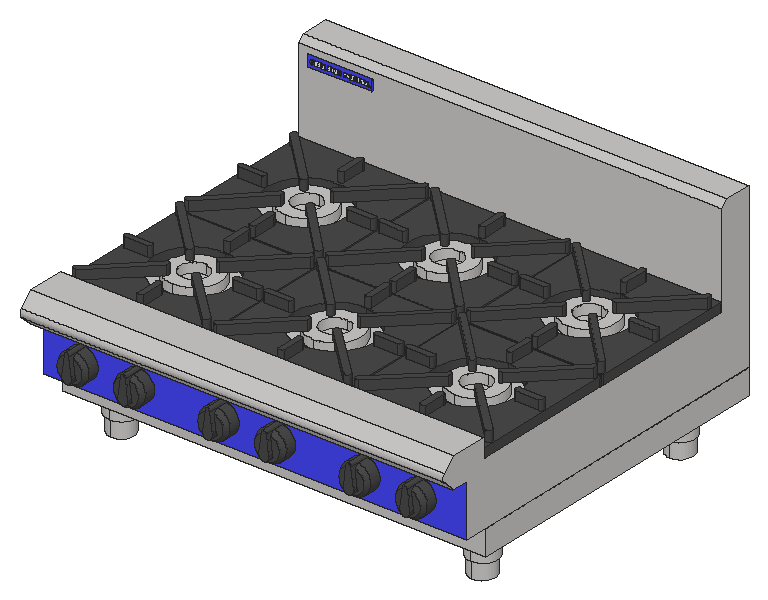
Revit family "QF_MOFFAT_BLUESEAL_CE_G516D-B", category Specialty Equipment, Revit 2012 (continued)
Definition of nested family "GAS BURNER 900"
  Lines and regions (mm)
    symbolic lines
      curve 246: spline (885.847, -22.602, 0) -> (887.076, -21.681, 0) -> (888.53, -21.131, 0) -> (890.11, -20.99, 0) -> (891.708, -21.267, 0) -> (893.214, -21.943, 0) -> (894.527, -22.973, 0) -> (895.557, -24.286, 0) -> (896.233, -25.792, 0) -> (896.51, -27.39, 0) -> (896.369, -28.97, 0) -> (895.819, -30.424, 0) -> (894.898, -31.653, 0)
      curve 247: arc (751, -136.5, 0) -> (721, -166.5, 0) -> (751, -196.5, 0) r 30
      curve 248: arc (751, -196.5, 0) -> (781, -166.5, 0) -> (751, -136.5, 0) r 30
      curve 249: line (744.6, -311.102, 0) -> (744.6, -261.898, 0)
      curve 250: spline (744.6, -261.898, 0) -> (744.818, -260.604, 0) -> (745.457, -259.398, 0) -> (746.475, -258.362, 0) -> (747.8, -257.568, 0) -> (749.344, -257.068, 0) -> (751, -256.898, 0) -> (752.656, -257.068, 0) -> (754.2, -257.568, 0) -> (755.525, -258.362, 0) -> (756.543, -259.398, 0) -> (757.182, -260.604, 0) -> (757.4, -261.898, 0)
      curve 251: line (757.4, -261.898, 0) -> (757.4, -311.102, 0)
      curve 252: spline (757.4, -311.102, 0) -> (757.182, -312.396, 0) -> (756.543, -313.602, 0) -> (755.525, -314.638, 0) -> (754.2, -315.432, 0) -> (752.656, -315.932, 0) -> (751, -316.102, 0) -> (749.344, -315.932, 0) -> (747.8, -315.432, 0) -> (746.475, -314.638, 0) -> (745.457, -313.602, 0) -> (744.818, -312.396, 0) -> (744.6, -311.102, 0)
      curve 253: line (744.6, -378.102, 0) -> (744.6, -328.898, 0)
      curve 254: spline (744.6, -328.898, 0) -> (744.818, -327.604, 0) -> (745.457, -326.398, 0) -> (746.475, -325.362, 0) -> (747.8, -324.568, 0) -> (749.344, -324.068, 0) -> (751, -323.898, 0) -> (752.656, -324.068, 0) -> (754.2, -324.568, 0) -> (755.525, -325.362, 0) -> (756.543, -326.398, 0) -> (757.182, -327.604, 0) -> (757.4, -328.898, 0)
      curve 255: line (757.4, -328.898, 0) -> (757.4, -378.102, 0)
      curve 256: spline (757.4, -378.102, 0) -> (757.182, -379.396, 0) -> (756.543, -380.602, 0) -> (755.525, -381.638, 0) -> (754.2, -382.432, 0) -> (752.656, -382.932, 0) -> (751, -383.102, 0) -> (749.344, -382.932, 0) -> (747.8, -382.432, 0) -> (746.475, -381.638, 0) -> (745.457, -380.602, 0) -> (744.818, -379.396, 0) -> (744.6, -378.102, 0)
      curve 257: spline (724.076, -434.025, 0) -> (724.837, -435.095, 0) -> (725.238, -436.399, 0) -> (725.251, -437.851, 0) -> (724.875, -439.35, 0) -> (724.137, -440.795, 0) -> (723.086, -442.086, 0) -> (721.795, -443.137, 0) -> (720.35, -443.875, 0) -> (718.851, -444.251, 0) -> (717.399, -444.238, 0) -> (716.095, -443.837, 0) -> (715.025, -443.076, 0)
      curve 258: line (777.924, -434.025, 0) -> (885.847, -326.102, 0)
      curve 259: spline (885.847, -326.102, 0) -> (887.076, -325.181, 0) -> (888.53, -324.631, 0) -> (890.11, -324.49, 0) -> (891.708, -324.767, 0) -> (893.214, -325.443, 0) -> (894.527, -326.473, 0) -> (895.557, -327.786, 0) -> (896.233, -329.292, 0) -> (896.51, -330.89, 0) -> (896.369, -332.47, 0) -> (895.819, -333.924, 0) -> (894.898, -335.153, 0)
      curve 260: line (894.898, -335.153, 0) -> (786.975, -443.076, 0)
      curve 261: spline (786.975, -443.076, 0) -> (785.905, -443.837, 0) -> (784.601, -444.238, 0) -> (783.149, -444.251, 0) -> (781.65, -443.875, 0) -> (780.205, -443.137, 0) -> (778.914, -442.086, 0) -> (777.863, -440.795, 0) -> (777.125, -439.35, 0) -> (776.749, -437.851, 0) -> (776.762, -436.399, 0) -> (777.163, -435.095, 0) -> (777.924, -434.025, 0)
      curve 262: line (842.898, -463.6, 0) -> (892.102, -463.6, 0)
      curve 263: spline (892.102, -463.6, 0) -> (893.396, -463.818, 0) -> (894.602, -464.457, 0) -> (895.638, -465.475, 0) -> (896.432, -466.8, 0) -> (896.932, -468.344, 0) -> (897.102, -470, 0) -> (896.932, -471.656, 0) -> (896.432, -473.2, 0) -> (895.638, -474.525, 0) -> (894.602, -475.543, 0) -> (893.396, -476.182, 0) -> (892.102, -476.4, 0)
      curve 264: line (892.102, -476.4, 0) -> (842.898, -476.4, 0)
      curve 265: spline (842.898, -476.4, 0) -> (841.604, -476.182, 0) -> (840.398, -475.543, 0) -> (839.362, -474.525, 0) -> (838.568, -473.2, 0) -> (838.068, -471.656, 0) -> (837.898, -470, 0) -> (838.068, -468.344, 0) -> (838.568, -466.8, 0) -> (839.362, -465.475, 0) -> (840.398, -464.457, 0) -> (841.604, -463.818, 0) -> (842.898, -463.6, 0)
      curve 266: line (786.975, -496.924, 0) -> (894.898, -603.347, 0)
      curve 267: spline (894.898, -603.347, 0) -> (895.659, -604.416, 0) -> (896.059, -605.721, 0) -> (896.072, -607.172, 0) -> (895.697, -608.671, 0) -> (894.959, -610.116, 0) -> (893.908, -611.408, 0) -> (892.616, -612.459, 0) -> (891.171, -613.197, 0) -> (889.672, -613.572, 0) -> (888.221, -613.559, 0) -> (886.916, -613.159, 0) -> (885.847, -612.398, 0)
      curve 268: line (885.847, -612.398, 0) -> (777.924, -505.975, 0)
      curve 269: spline (777.924, -505.975, 0) -> (777.163, -504.905, 0) -> (776.762, -503.601, 0) -> (776.749, -502.149, 0) -> (777.125, -500.65, 0) -> (777.863, -499.205, 0) -> (778.914, -497.914, 0) -> (780.205, -496.863, 0) -> (781.65, -496.125, 0) -> (783.149, -495.749, 0) -> (784.601, -495.762, 0) -> (785.905, -496.163, 0) -> (786.975, -496.924, 0)
      curve 270: line (744.6, -609.602, 0) -> (744.6, -561.898, 0)
      curve 271: spline (744.6, -561.898, 0) -> (744.818, -560.604, 0) -> (745.457, -559.398, 0) -> (746.475, -558.362, 0) -> (747.8, -557.568, 0) -> (749.344, -557.068, 0) -> (751, -556.898, 0) -> (752.656, -557.068, 0) -> (754.2, -557.568, 0) -> (755.525, -558.362, 0) -> (756.543, -559.398, 0) -> (757.182, -560.604, 0) -> (757.4, -561.898, 0)
      curve 272: line (757.4, -561.898, 0) -> (757.4, -609.602, 0)
      curve 273: spline (757.4, -609.602, 0) -> (757.182, -610.896, 0) -> (756.543, -612.102, 0) -> (755.525, -613.138, 0) -> (754.2, -613.932, 0) -> (752.656, -614.432, 0) -> (751, -614.602, 0) -> (749.344, -614.432, 0) -> (747.8, -613.932, 0) -> (746.475, -613.138, 0) -> (745.457, -612.102, 0) -> (744.818, -610.896, 0) -> (744.6, -609.602, 0)
      curve 274: spline (715.025, -496.924, 0) -> (716.095, -496.163, 0) -> (717.399, -495.762, 0) -> (718.851, -495.749, 0) -> (720.35, -496.125, 0) -> (721.795, -496.863, 0) -> (723.086, -497.914, 0) -> (724.137, -499.205, 0) -> (724.875, -500.65, 0) -> (725.251, -502.149, 0) -> (725.238, -503.601, 0) -> (724.837, -504.905, 0) -> (724.076, -505.975, 0)
      curve 275: arc (751.009, -384.418, 0) -> (721.313, -389.836, 0) -> (695.444, -405.393, 0) r 84.082
      curve 276: arc (751.009, -552.582, 0) -> (779.827, -547.489, 0) -> (805.155, -532.827, 0) r 84.082
      curve 277: arc (751, -523.5, 0) -> (733.334, -520.693, 0) -> (717.408, -512.55, 0) r 57
      curve 278: arc (751, -409.5, 0) -> (770.986, -413.119, 0) -> (788.434, -423.515, 0) r 57
      curve 279: arc (751, -436.5, 0) -> (721, -466.5, 0) -> (751, -496.5, 0) r 30
      curve 280: arc (751, -496.5, 0) -> (781, -466.5, 0) -> (751, -436.5, 0) r 30
      curve 281: spline (659.102, -463.6, 0) -> (660.396, -463.818, 0) -> (661.602, -464.457, 0) -> (662.638, -465.475, 0) -> (663.432, -466.8, 0) -> (663.932, -468.344, 0) -> (664.102, -470, 0) -> (663.932, -471.656, 0) -> (663.432, -473.2, 0) -> (662.638, -474.525, 0) -> (661.602, -475.543, 0) -> (660.396, -476.182, 0) -> (659.102, -476.4, 0)
      curve 282: arc (804.676, -103.773, 0) -> (779.534, -89.404, 0) -> (751.009, -84.418, 0) r 84.082
      curve 283: arc (688.129, -112.68, 0) -> (666.934, -167.408, 0) -> (686.7, -222.668, 0) r 84.082
      curve 284: arc (706.546, -202.178, 0) -> (694, -166.598, 0) -> (706.424, -130.975, 0) r 57
      curve 285: arc (786.372, -211.197, 0) -> (769.725, -220.336, 0) -> (751, -223.5, 0) r 57
      curve 286: arc (795.576, -130.975, 0) -> (808, -166.598, 0) -> (795.454, -202.178, 0) r 57
      curve 287: arc (713.566, -423.515, 0) -> (731.014, -413.119, 0) -> (751, -409.5, 0) r 57
      curve 288: arc (797.089, -432.962, 0) -> (807.947, -468.956, 0) -> (794.031, -503.881, 0) r 57
      curve 289: arc (791.268, -506.842, 0) -> (790.386, -507.704, 0) -> (789.484, -508.547, 0) r 57
      curve 290: arc (707.969, -503.881, 0) -> (694.053, -468.956, 0) -> (704.911, -432.962, 0) r 57
      curve 291: arc (686.509, -414.56, 0) -> (666.932, -469.429, 0) -> (687.717, -523.853, 0) r 84.082
      curve 292: arc (806.564, -405.385, 0) -> (780.699, -389.834, 0) -> (751.009, -384.418, 0) r 84.082
      curve 293: arc (814.293, -523.862, 0) -> (835.086, -469.429, 0) -> (815.501, -414.55, 0) r 84.082
      curve 294: arc (784.592, -512.55, 0) -> (768.666, -520.693, 0) -> (751, -523.5, 0) r 57
      curve 295: arc (696.853, -532.819, 0) -> (722.184, -547.487, 0) -> (751.009, -552.582, 0) r 84.082
      curve 296: arc (715.475, -121.924, 0) -> (732.183, -112.696, 0) -> (751, -109.5, 0) r 57
      curve 297: arc (695.669, -231.803, 0) -> (721.453, -247.216, 0) -> (751.009, -252.582, 0) r 84.082
      curve 298: arc (815.31, -222.678, 0) -> (835.084, -167.408, 0) -> (813.881, -112.67, 0) r 84.082
      curve 299: line (616.153, -612.398, 0) -> (724.076, -505.975, 0)
      curve 300: line (715.025, -496.924, 0) -> (607.102, -603.347, 0)
      curve 301: spline (607.102, -603.347, 0) -> (606.341, -604.416, 0) -> (605.941, -605.721, 0) -> (605.928, -607.172, 0) -> (606.303, -608.671, 0) -> (607.041, -610.116, 0) -> (608.092, -611.408, 0) -> (609.384, -612.459, 0) -> (610.829, -613.197, 0) -> (612.328, -613.572, 0) -> (613.779, -613.559, 0) -> (615.084, -613.159, 0) -> (616.153, -612.398, 0)
      curve 302: line (602, -324.5, 0) -> (602, -632, 0)
      curve 303: arc (602, -632, 0) -> (602.879, -634.121, 0) -> (605, -635, 0) r 3
      curve 304: line (605, -635, 0) -> (897, -635, 0)
      curve 305: arc (897, -635, 0) -> (899.121, -634.121, 0) -> (900, -632, 0) r 3
      curve 306: line (900, -632, 0) -> (900, -324.5, 0)
      curve 307: arc (900, -324.5, 0) -> (899.121, -322.379, 0) -> (897, -321.5, 0) r 3
      curve 308: line (897, -321.5, 0) -> (605, -321.5, 0)
      curve 309: arc (605, -321.5, 0) -> (602.879, -322.379, 0) -> (602, -324.5, 0) r 3
      curve 310: line (609.898, -476.4, 0) -> (659.102, -476.4, 0)
      curve 311: line (659.102, -463.6, 0) -> (609.898, -463.6, 0)
      curve 312: spline (609.898, -463.6, 0) -> (608.604, -463.818, 0) -> (607.398, -464.457, 0) -> (606.362, -465.475, 0) -> (605.568, -466.8, 0) -> (605.068, -468.344, 0) -> (604.898, -470, 0) -> (605.068, -471.656, 0) -> (605.568, -473.2, 0) -> (606.362, -474.525, 0) -> (607.398, -475.543, 0) -> (608.604, -476.182, 0) -> (609.898, -476.4, 0)
      curve 313: line (607.102, -335.153, 0) -> (715.025, -443.076, 0)
      curve 314: line (724.076, -434.025, 0) -> (616.153, -326.102, 0)
      curve 315: spline (616.153, -326.102, 0) -> (615.084, -325.341, 0) -> (613.779, -324.941, 0) -> (612.328, -324.928, 0) -> (610.829, -325.303, 0) -> (609.384, -326.041, 0) -> (608.092, -327.092, 0) -> (607.041, -328.384, 0) -> (606.303, -329.829, 0) -> (605.928, -331.328, 0) -> (605.941, -332.779, 0) -> (606.341, -334.084, 0) -> (607.102, -335.153, 0)
      curve 316: line (616.153, -313.898, 0) -> (724.076, -202.475, 0)
      curve 317: spline (607.102, -304.847, 0) -> (606.341, -305.916, 0) -> (605.941, -307.221, 0) -> (605.928, -308.672, 0) -> (606.303, -310.171, 0) -> (607.041, -311.616, 0) -> (608.092, -312.908, 0) -> (609.384, -313.959, 0) -> (610.829, -314.697, 0) -> (612.328, -315.072, 0) -> (613.779, -315.059, 0) -> (615.084, -314.659, 0) -> (616.153, -313.898, 0)
      curve 318: line (715.025, -193.424, 0) -> (607.102, -304.847, 0)
      curve 319: line (605, -318.5, 0) -> (897, -318.5, 0)
      curve 320: arc (602, -315.5, 0) -> (602.879, -317.621, 0) -> (605, -318.5, 0) r 3
      curve 321: line (602, -3, 0) -> (602, -315.5, 0)
      curve 322: arc (605, 0, 0) -> (602.879, -0.879, 0) -> (602, -3, 0) r 3
      curve 323: line (609.898, -172.9, 0) -> (659.102, -172.9, 0)
      curve 324: line (659.102, -160.1, 0) -> (609.898, -160.1, 0)
      curve 325: spline (609.898, -160.1, 0) -> (608.604, -160.318, 0) -> (607.398, -160.957, 0) -> (606.362, -161.975, 0) -> (605.568, -163.3, 0) -> (605.068, -164.844, 0) -> (604.898, -166.5, 0) -> (605.068, -168.156, 0) -> (605.568, -169.7, 0) -> (606.362, -171.025, 0) -> (607.398, -172.043, 0) -> (608.604, -172.682, 0) -> (609.898, -172.9, 0)
      curve 326: line (607.102, -31.653, 0) -> (715.025, -139.576, 0)
      curve 327: line (724.076, -130.525, 0) -> (616.153, -22.602, 0)
      curve 328: spline (616.153, -22.602, 0) -> (615.084, -21.841, 0) -> (613.779, -21.441, 0) -> (612.328, -21.428, 0) -> (610.829, -21.803, 0) -> (609.384, -22.541, 0) -> (608.092, -23.592, 0) -> (607.041, -24.884, 0) -> (606.303, -26.329, 0) -> (605.928, -27.828, 0) -> (605.941, -29.279, 0) -> (606.341, -30.584, 0) -> (607.102, -31.653, 0)
      curve 329: line (897, 0, 0) -> (605, 0, 0)
  Dimensions and locks
    equal spacing: plane 3 "LEFT", plane 7 "Center Y", plane 4 "RIGHT"
    "Width": plane 3 "LEFT" to plane 4 "RIGHT"
    equal spacing: plane 5 "FRONT", plane 8 "Center X", plane 1 "BACK"
    "Depth": plane 5 "FRONT" to plane 1 "BACK"
    aligned and locked: level to plane 2
  Automatic sketch dimensions
    curve 29 to curve 30 = 0 mm
    curve 29 to curve 33 = 0 mm
    curve 29 to curve 189 = 0 mm
    curve 29 to curve 190 = 0 mm  (x2)
    curve 29 to curve 191 = 0 mm  (x2)
    curve 29 to curve 192 = 0 mm
    curve 30 to curve 33 = 0 mm
    curve 30 to curve 189 = 0 mm
    curve 31 to curve 32 = 0 mm  (x2)
    curve 31 to curve 212 = 0 mm
    curve 31 to curve 213 = 0 mm  (x2)
    curve 31 to curve 214 = 0 mm
    curve 31 to curve 215 = 0 mm  (x2)
    curve 35 to curve 36 = 0 mm
    curve 35 to curve 103 = 0 mm  (x2)
    curve 35 to curve 187 = 0 mm  (x2)
    curve 35 to curve 188 = 0 mm
    curve 35 to curve 193 = 0 mm
    curve 35 to curve 211 = 0 mm  (x2)
    curve 36 to curve 193 = 0 mm
    curve 37 to curve 38 = 0 mm  (x2)
    curve 37 to curve 185 = 0 mm
    curve 37 to curve 186 = 0 mm  (x2)
    curve 37 to curve 216 = 0 mm
    curve 37 to curve 217 = 0 mm  (x2)
    curve 137 to curve 138 = 0 mm  (x2)
    curve 137 to curve 204 = 0 mm  (x2)
    curve 137 to curve 205 = 0 mm
    curve 137 to curve 206 = 0 mm  (x2)
    curve 137 to curve 208 = 0 mm
    curve 139 to curve 140 = 0 mm
    curve 139 to curve 141 = 0 mm  (x2)
    curve 139 to curve 200 = 0 mm  (x2)
    curve 139 to curve 201 = 0 mm
    curve 139 to curve 202 = 0 mm
    curve 139 to curve 203 = 0 mm  (x2)
    curve 139 to curve 207 = 0 mm
    curve 140 to curve 201 = 0 mm
    curve 140 to curve 202 = 0 mm
    curve 179 to curve 180 = 0 mm  (x2)
    curve 179 to curve 194 = 0 mm  (x2)
    curve 179 to curve 195 = 0 mm
    curve 179 to curve 209 = 0 mm
    curve 179 to curve 210 = 0 mm  (x2)
    curve 181 to curve 182 = 0 mm  (x2)
    curve 181 to curve 183 = 0 mm  (x2)
    curve 181 to curve 196 = 0 mm  (x2)
    curve 181 to curve 197 = 0 mm
    curve 181 to curve 198 = 0 mm  (x2)
    curve 181 to curve 199 = 0 mm
    curve 220 to curve 221 = 0 mm
    curve 220 to curve 247 = 0 mm  (x2)
    curve 220 to curve 284 = 0 mm
    curve 222 to curve 223 = 0 mm  (x2)
    curve 222 to curve 282 = 0 mm
    curve 222 to curve 283 = 0 mm  (x2)
    curve 275 to curve 276 = 0 mm
    curve 275 to curve 291 = 0 mm
    curve 277 to curve 278 = 0 mm
    curve 277 to curve 279 = 0 mm
    curve 277 to curve 287 = 0 mm
    curve 278 to curve 280 = 0 mm
    curve 283 to curve 298 = 0 mm
    curve 284 to curve 296 = 0 mm  (x2)
    curve 285 to curve 296 = 0 mm  (x2)
    curve 286 to curve 296 = 0 mm  (x2)
    curve 287 to curve 294 = 0 mm  (x2)
    curve 288 to curve 294 = 0 mm  (x2)
    curve 289 to curve 294 = 0 mm  (x2)
    curve 290 to curve 294 = 0 mm  (x2)
    curve 291 to curve 295 = 0 mm  (x2)
    curve 292 to curve 295 = 0 mm  (x2)
    curve 293 to curve 295 = 0 mm  (x2)
    curve 297 to curve 298 = 0 mm  (x2)
    plane 5 "FRONT" to curve 75 = 0 mm
    plane 1 "BACK" to curve 64 = 0 mm
    plane 1 "BACK" to curve 55 = 0 mm
    plane 5 "FRONT" to curve 82 = 0 mm
    curve 33 to plane 7 "Center Y" = 0 mm
    curve 154 to plane 7 "Center Y" = 0 mm
    curve 54 to plane 7 "Center Y" = 0 mm
    curve 196 to plane 7 "Center Y" = 0 mm
    curve 178 to plane 7 "Center Y" = 0 mm
    curve 16 to plane 7 "Center Y" = 0 mm
    plane 5 "FRONT" to curve 233 = 0 mm
    curve 13 to curve 16 = 6.4 mm
    curve 154 to curve 154 = 6.4 mm
    curve 52 to curve 52 = 6.4 mm
    curve 177 to curve 178 = 6.4 mm
    curve 150 to plane 7 "Center Y" = 26.924 mm
    curve 10 to plane 7 "Center Y" = 26.924 mm
    curve 168 to plane 7 "Center Y" = 26.924 mm
    curve 50 to plane 7 "Center Y" = 26.924 mm
    curve 10 to curve 10 = 4.525 mm
    curve 50 to curve 50 = 4.525 mm
    curve 168 to curve 167 = 4.525 mm
    curve 150 to curve 147 = 4.525 mm
    curve 197 to curve 167 = 6.668 mm
    curve 192 to curve 49 = 8.448 mm
    curve 30 to curve 10 = 8.601 mm
    curve 169 to curve 168 = 4.525 mm
    curve 182 to curve 150 = 10.51 mm
    curve 198 to curve 168 = 7.056 mm
    curve 189 to curve 50 = 8.479 mm
    curve 189 to curve 9 = 8.601 mm
    curve 198 to curve 182 = 8.655 mm
    curve 212 to curve 30 = 18.144 mm
    curve 32 to curve 192 = 19.959 mm
    curve 209 to curve 182 = 18.122 mm
    curve 210 to curve 198 = 16.335 mm
    curve 215 to curve 212 = 9.203 mm
    curve 215 to curve 32 = 8.969 mm
    curve 210 to curve 209 = 8.936 mm
    curve 45 to curve 189 = 47.444 mm
    curve 172 to curve 198 = 45.809 mm
    curve 167 to plane 5 "FRONT" = 22.602 mm
    curve 167 to curve 180 = 75.481 mm
    curve 147 to plane 8 "Center X" = 8.602 mm
    curve 147 to curve 209 = 79.291 mm
    plane 1 "BACK" to curve 12 = 22.602 mm
    plane 8 "Center X" to curve 49 = 3.602 mm
    curve 49 to curve 147 = 0 mm
    curve 148 to curve 147 = 4.525 mm
    curve 12 to curve 12 = 4.525 mm
    curve 48 to curve 48 = 4.525 mm
    curve 170 to curve 167 = 4.525 mm
    curve 44 to curve 46 = 49.204 mm
    curve 174 to curve 172 = 49.204 mm
    curve 80 to curve 148 = 6.628 mm
    curve 83 to curve 170 = 11.153 mm
    curve 56 to curve 12 = 11.153 mm
    plane 8 "Center X" to curve 58 = 2 mm
    curve 58 to curve 79 = 0 mm
    curve 57 to curve 56 = 3 mm
    curve 80 to curve 80 = 3 mm
    curve 76 to curve 81 = 2 mm
    curve 68 to curve 58 = 2 mm
    curve 68 to plane 8 "Center X" = 1 mm
    curve 68 to curve 69 = 3 mm
    curve 78 to curve 77 = 3 mm
    curve 63 to curve 69 = 3 mm
    curve 75 to curve 76 = 3 mm
    curve 90 to curve 68 = 2.102 mm
    curve 4 to curve 12 = 12.205 mm
    curve 115 to plane 8 "Center X" = 17.653 mm
    curve 115 to curve 78 = 2.102 mm
    curve 134 to curve 170 = 12.205 mm
    curve 8 to curve 45 = 17.796 mm
    curve 145 to curve 171 = 17.796 mm
    curve 4 to curve 4 = 4.525 mm
    curve 134 to curve 134 = 4.525 mm
    curve 90 to curve 90 = 4.525 mm
    curve 116 to curve 116 = 4.525 mm
    curve 6 to curve 5 = 49.204 mm
    curve 144 to curve 143 = 49.204 mm
    curve 204 to curve 144 = 27.407 mm
    curve 186 to curve 7 = 27.598 mm
    curve 204 to curve 145 = 28.615 mm
    curve 186 to curve 6 = 29.027 mm
    curve 137 to curve 204 = 8.936 mm
    curve 216 to curve 186 = 8.969 mm
    curve 208 to curve 204 = 9.136 mm
    curve 37 to curve 186 = 9.203 mm
    curve 203 to curve 204 = 18.402 mm
    curve 187 to curve 186 = 18.296 mm
    curve 187 to curve 186 = 19.847 mm
    curve 203 to curve 204 = 20.253 mm
    curve 200 to curve 203 = 8.655 mm
    curve 136 to curve 203 = 7.056 mm
    curve 87 to curve 187 = 8.479 mm
    curve 2 to curve 187 = 8.601 mm
    curve 114 to curve 203 = 10.114 mm
    curve 211 to curve 187 = 9.051 mm
    curve 35 to curve 187 = 9.081 mm
    curve 139 to curve 203 = 9.439 mm
    curve 114 to curve 115 = 4.525 mm
    curve 2 to curve 2 = 4.525 mm
    curve 136 to curve 136 = 4.525 mm
    curve 88 to curve 88 = 4.525 mm
    curve 106 to curve 216 = 48.931 mm
    curve 112 to curve 200 = 31.034 mm
    curve 42 to curve 37 = 47.268 mm
    curve 129 to plane 5 "FRONT" = 25.398 mm
    curve 129 to curve 208 = 47.747 mm
    curve 103 to curve 1 = 26.924 mm
    curve 110 to curve 109 = 6.4 mm
    curve 108 to curve 105 = 6.4 mm
    curve 142 to curve 114 = 26.924 mm
    curve 132 to curve 132 = 6.4 mm
    curve 42 to curve 42 = 6.4 mm
    curve 38 to curve 106 = 0.009 mm
    curve 204 to curve 139 = 0.009 mm
    curve 127 to curve 142 = 26.924 mm
    curve 117 to curve 142 = 26.924 mm
    curve 91 to curve 104 = 26.924 mm
    curve 100 to curve 104 = 26.924 mm
    curve 100 to curve 100 = 4.525 mm
    curve 92 to curve 92 = 4.525 mm
    curve 120 to curve 120 = 4.525 mm
    curve 128 to curve 128 = 4.525 mm
    curve 207 to curve 127 = 6.668 mm
    curve 188 to curve 91 = 8.448 mm
    curve 36 to curve 100 = 8.601 mm
    curve 140 to curve 117 = 10.51 mm
    curve 202 to curve 207 = 4.893 mm
    curve 202 to curve 202 = 1.784 mm
    curve 201 to curve 202 = 2.762 mm
    curve 193 to curve 93 = 8.479 mm
    curve 193 to curve 100 = 8.601 mm
    curve 201 to curve 140 = 8.655 mm
    curve 185 to curve 36 = 18.152 mm
    curve 138 to curve 207 = 20.563 mm
    curve 38 to curve 188 = 19.967 mm
    curve 205 to curve 140 = 18.13 mm
    curve 217 to curve 185 = 9.204 mm
    curve 206 to curve 138 = 9.138 mm
    curve 217 to curve 38 = 8.97 mm
    curve 206 to curve 205 = 8.937 mm
    curve 97 to curve 193 = 47.322 mm
    curve 121 to curve 201 = 45.809 mm
    plane 3 "LEFT" to curve 126 = 15.153 mm
    plane 3 "LEFT" to curve 102 = 15.153 mm
    plane 8 "Center X" to curve 91 = 3.602 mm
    plane 3 "LEFT" to curve 91 = 15.153 mm
    curve 117 to plane 8 "Center X" = 8.602 mm
    curve 117 to curve 91 = 0 mm
    curve 126 to curve 126 = 4.525 mm
    curve 94 to curve 94 = 4.525 mm
    plane 3 "LEFT" to curve 121 = 8.898 mm
    plane 3 "LEFT" to curve 97 = 8.898 mm
    plane 3 "LEFT" to curve 72 = 4 mm
    curve 66 to curve 71 = 0 mm
    plane 3 "LEFT" to curve 74 = 4 mm
    plane 3 "LEFT" to curve 63 = 4 mm
    plane 3 "LEFT" to curve 65 = 1 mm
    plane 3 "LEFT" to curve 74 = 1 mm
    plane 7 "Center Y" to curve 194 = 0.009 mm
    plane 7 "Center Y" to curve 32 = 0.009 mm
    plane 7 "Center Y" to curve 165 = 26.924 mm
    plane 7 "Center Y" to curve 17 = 26.924 mm
    plane 7 "Center Y" to curve 26 = 26.924 mm
    plane 7 "Center Y" to curve 156 = 26.924 mm
    curve 18 to curve 18 = 4.525 mm
    curve 155 to curve 156 = 4.525 mm
    curve 27 to curve 26 = 4.525 mm
    curve 165 to curve 164 = 4.525 mm
    curve 164 to curve 181 = 6.668 mm
    curve 26 to curve 29 = 8.448 mm
    curve 18 to curve 190 = 8.601 mm
    curve 156 to curve 199 = 10.51 mm
    curve 164 to curve 196 = 7.056 mm
    curve 26 to curve 191 = 8.479 mm
    curve 18 to curve 191 = 8.601 mm
    curve 199 to curve 196 = 8.655 mm
    curve 190 to curve 31 = 18.152 mm
    curve 181 to curve 195 = 20.563 mm
    curve 29 to curve 214 = 19.967 mm
    curve 199 to curve 179 = 18.13 mm
    curve 31 to curve 213 = 9.204 mm
    curve 195 to curve 194 = 9.138 mm
    curve 214 to curve 213 = 8.97 mm
    curve 179 to curve 194 = 8.937 mm
    curve 196 to curve 160 = 45.809 mm
    curve 191 to curve 22 = 47.444 mm
    curve 165 to plane 5 "FRONT" = 22.602 mm
    curve 195 to curve 165 = 80.692 mm
    plane 8 "Center X" to curve 27 = 3.602 mm
    curve 155 to plane 8 "Center X" = 8.602 mm
    curve 155 to curve 27 = 0 mm
    plane 1 "BACK" to curve 20 = 22.602 mm
    curve 20 to curve 19 = 9.051 mm
    curve 166 to curve 166 = 4.525 mm
    curve 21 to curve 21 = 49.204 mm
    curve 160 to curve 159 = 49.204 mm
    curve 84 to plane 5 "FRONT" = 3 mm
    curve 166 to curve 84 = 11.153 mm
    curve 59 to curve 85 = 3 mm
    curve 20 to curve 55 = 11.153 mm
    curve 86 to curve 85 = 3 mm
    plane 8 "Center X" to curve 61 = 2 mm
    curve 281 to curve 291 = 27.407 mm
    curve 219 to curve 283 = 27.598 mm
    curve 281 to curve 291 = 28.615 mm
    curve 219 to curve 283 = 29.027 mm
    curve 291 to curve 275 = 8.936 mm
    curve 283 to curve 297 = 8.969 mm
    curve 291 to curve 295 = 9.136 mm
    curve 283 to curve 222 = 9.203 mm
    curve 291 to curve 290 = 18.402 mm
    curve 283 to curve 284 = 18.296 mm
    curve 283 to curve 284 = 19.847 mm
    curve 291 to curve 290 = 20.253 mm
    curve 290 to curve 287 = 8.655 mm
    curve 290 to curve 257 = 10.114 mm
    curve 284 to curve 218 = 8.601 mm
    curve 290 to curve 274 = 7.056 mm
    curve 284 to curve 234 = 8.479 mm
    curve 284 to curve 296 = 9.051 mm
    curve 284 to curve 220 = 9.081 mm
    curve 218 to curve 218 = 4.525 mm
    curve 274 to curve 274 = 4.525 mm
    curve 257 to curve 257 = 4.525 mm
    curve 234 to curve 234 = 4.525 mm
    curve 270 to plane 5 "FRONT" = 25.398 mm
    curve 287 to curve 256 = 31.034 mm
    plane 1 "BACK" to curve 225 = 25.398 mm
    curve 222 to curve 225 = 47.268 mm
    curve 297 to curve 249 = 48.931 mm
    curve 274 to curve 280 = 26.924 mm
    curve 224 to curve 227 = 6.4 mm
    curve 256 to curve 256 = 6.4 mm
    curve 271 to curve 271 = 6.4 mm
    curve 249 to curve 252 = 6.4 mm
    curve 220 to curve 223 = 0.009 mm
    curve 271 to curve 276 = 0.009 mm
    curve 248 to curve 245 = 26.924 mm
    curve 248 to curve 236 = 26.924 mm
    curve 280 to curve 261 = 26.924 mm
    curve 280 to curve 269 = 26.924 mm
    curve 261 to curve 261 = 4.525 mm
    curve 236 to curve 236 = 4.525 mm
    curve 268 to curve 269 = 4.525 mm
    curve 244 to curve 244 = 4.525 mm
    curve 268 to curve 294 = 6.668 mm
    curve 236 to curve 285 = 8.448 mm
    curve 244 to curve 221 = 8.601 mm
    curve 258 to curve 278 = 10.51 mm
    curve 294 to curve 289 = 4.893 mm
    curve 289 to curve 289 = 1.784 mm
    curve 289 to curve 288 = 2.762 mm
    curve 236 to curve 286 = 8.479 mm
    curve 244 to curve 286 = 8.601 mm
    curve 278 to curve 288 = 8.655 mm
    curve 221 to curve 282 = 18.152 mm
    curve 294 to curve 276 = 20.563 mm
    curve 285 to curve 223 = 19.967 mm
    curve 278 to curve 292 = 18.13 mm
    curve 282 to curve 298 = 9.204 mm
    curve 276 to curve 293 = 9.138 mm
    curve 223 to curve 298 = 8.97 mm
    curve 292 to curve 293 = 8.937 mm
    curve 286 to curve 241 = 47.322 mm
    curve 288 to curve 265 = 45.809 mm
    plane 4 "RIGHT" to curve 267 = 14.153 mm
    plane 8 "Center X" to curve 235 = 3.602 mm
    plane 4 "RIGHT" to curve 235 = 14.153 mm
    plane 4 "RIGHT" to curve 245 = 14.153 mm
    curve 259 to plane 8 "Center X" = 8.602 mm
    curve 259 to curve 235 = 0 mm
    curve 268 to curve 267 = 4.525 mm
    curve 246 to curve 246 = 4.525 mm
    curve 235 to curve 238 = 4.525 mm
    curve 258 to curve 259 = 4.525 mm
    plane 4 "RIGHT" to curve 242 = 7.898 mm
    plane 4 "RIGHT" to curve 264 = 7.898 mm
    plane 4 "RIGHT" to curve 233 = 3 mm
    plane 4 "RIGHT" to curve 228 = 3 mm
    plane 4 "RIGHT" to curve 231 = 3 mm
    curve 230 to plane 8 "Center X" = 1 mm
    curve 230 to curve 231 = 0 mm
    plane 4 "RIGHT" to curve 229 = 0 mm
    plane 4 "RIGHT" to curve 231 = 0 mm
    curve 233 to curve 267 = 19.602 mm
    curve 76 to curve 133 = 19.602 mm
    curve 178 to plane 5 "FRONT" = 25.398 mm
    curve 131 to curve 138 = 9.316 mm
    curve 177 to curve 180 = 9.316 mm
    curve 271 to curve 295 = 9.316 mm
    curve 295 to curve 291 = 8.967 mm
    curve 294 to curve 289 = 4.003 mm
    curve 207 to curve 202 = 4.003 mm
    curve 277 to curve 274 = 6.575 mm
    curve 290 to curve 274 = 6.958 mm
    curve 139 to curve 142 = 27 mm
    curve 181 to curve 184 = 27 mm
    curve 277 to curve 280 = 27 mm
    curve 206 to curve 122 = 47.462 mm
    curve 204 to curve 146 = 47.453 mm
    curve 198 to curve 172 = 27.481 mm
    curve 293 to curve 263 = 47.462 mm
    curve 194 to curve 162 = 47.462 mm
    curve 291 to curve 281 = 47.453 mm
    curve 171 to curve 174 = 6.4 mm
    curve 263 to curve 263 = 6.4 mm
    curve 160 to curve 160 = 6.4 mm
    curve 146 to curve 146 = 6.4 mm
    curve 123 to curve 124 = 6.4 mm
    curve 281 to curve 281 = 6.4 mm
    curve 257 to curve 290 = 10.114 mm
    curve 275 to curve 256 = 6.316 mm
    curve 179 to curve 151 = 6.316 mm
    curve 137 to curve 111 = 6.316 mm
    curve 254 to plane 8 "Center X" = 11.398 mm
    curve 154 to plane 8 "Center X" = 11.398 mm
    curve 110 to plane 8 "Center X" = 11.398 mm
    curve 81 to curve 59 = 6 mm
    curve 231 to curve 230 = 6 mm
    curve 78 to curve 80 = 0 mm
    curve 68 to curve 90 = 1.602 mm
    plane 8 "Center X" to curve 108 = 6.398 mm
    plane 8 "Center X" to curve 53 = 6.398 mm
    plane 8 "Center X" to curve 249 = 6.398 mm
    curve 252 to curve 249 = 49.204 mm
    curve 51 to curve 214 = 9.316 mm
    curve 108 to curve 107 = 49.204 mm
    curve 250 to curve 223 = 9.316 mm
    curve 106 to curve 216 = 9.316 mm
    curve 223 to curve 285 = 29.082 mm
    curve 220 to curve 234 = 8.722 mm
    curve 284 to curve 234 = 8.754 mm
    curve 35 to curve 103 = 27 mm
    curve 29 to curve 34 = 27 mm
    curve 220 to curve 247 = 27 mm
    curve 187 to curve 6 = 29.278 mm
    curve 284 to curve 219 = 29.278 mm
    curve 24 to curve 219 = 0 mm
    curve 298 to curve 242 = 49.778 mm
    curve 7 to curve 44 = 0 mm
    curve 193 to curve 95 = 29.278 mm
    curve 24 to curve 24 = 6.4 mm
    curve 95 to curve 98 = 6.4 mm
    curve 239 to curve 242 = 6.4 mm
    curve 7 to curve 8 = 6.4 mm
    curve 45 to curve 44 = 6.4 mm
    curve 219 to curve 219 = 6.4 mm
    curve 218 to curve 284 = 8.601 mm
    curve 37 to curve 42 = 9.816 mm
    curve 222 to curve 226 = 9.816 mm
    curve 31 to curve 13 = 9.816 mm
    plane 1 "BACK" to curve 16 = 25.398 mm
    plane 1 "BACK" to curve 41 = 25.398 mm
    plane 1 "BACK" to Extrusion 1 sketch curve = 0 mm
    plane 5 "FRONT" to Extrusion 1 sketch curve = 0 mm
    plane 3 "LEFT" to Extrusion 1 sketch curve = 1 mm  (x2)
    plane 1 "BACK" to Extrusion 1 sketch curve = 3 mm  (x2)
    plane 8 "Center X" to Extrusion 1 sketch curve = 149 mm
    plane 8 "Center X" to Extrusion 1 sketch curve = 2 mm  (x2)
    Extrusion 1 sketch curve to plane 8 "Center X" = 1 mm
    Extrusion 1 sketch curve to Extrusion 1 sketch curve = 3 mm  (x3)
    Extrusion 1 sketch curve to plane 8 "Center X" = 151 mm
    Extrusion 1 sketch curve to plane 5 "FRONT" = 3 mm  (x2)
    plane 3 "LEFT" to Extrusion 1 sketch curve = 149.991 mm  (x2)
    Extrusion 1 sketch curve to plane 7 "Center Y" = 154 mm
    Extrusion 1 sketch curve to Extrusion 1 sketch curve = 0 mm
    Extrusion 2 sketch curve to Extrusion 1 = 22.602 mm  (x2)
    Extrusion 2 sketch curve to Extrusion 1 = 25.398 mm  (x2)
    Extrusion 2 sketch curve to Extrusion 2 sketch curve = 4.525 mm  (x16)
    Extrusion 2 sketch curve to Extrusion 2 sketch curve = 49.204 mm  (x5)
    Extrusion 2 sketch curve to Extrusion 2 sketch curve = 55.923 mm  (x5)
    Extrusion 2 sketch curve to Extrusion 2 sketch curve = 0 mm  (x5)
    Extrusion 2 sketch curve to Extrusion 2 sketch curve = 20.524 mm  (x8)
    Extrusion 2 sketch curve to Extrusion 2 sketch curve = 6.4 mm  (x8)
    Extrusion 2 sketch curve to Extrusion 2 sketch curve = 53.847 mm  (x8)
    Extrusion 2 sketch curve to Extrusion 1 = 56.602 mm
    Extrusion 2 sketch curve to Extrusion 1 = 5.102 mm  (x6)
    Extrusion 2 sketch curve to Extrusion 1 = 13.653 mm  (x2)
    Extrusion 2 sketch curve to Extrusion 1 = 7.398 mm  (x2)
    Extrusion 2 sketch curve to Extrusion 1 = 4.602 mm  (x2)
    Extrusion 2 sketch curve to Extrusion 1 = 7.898 mm  (x4)
    Extrusion 2 sketch curve to Extrusion 1 = 31.653 mm  (x2)
    Extrusion 2 sketch curve to Extrusion 1 = 57.102 mm
    Extrusion 2 sketch curve to Extrusion 1 = 14.153 mm
    Extrusion 3 sketch curve to Extrusion 3 sketch curve = 0 mm  (x24)
    plane 1 "BACK" to Extrusion 3 sketch curve = 109.5 mm
    Extrusion 3 sketch curve to Extrusion 3 sketch curve = 27 mm  (x2)
    Extrusion 3 sketch curve to Extrusion 3 sketch curve = 30 mm  (x2)
    Extrusion 3 sketch curve to plane 8 "Center X" = 92 mm
    plane 3 "LEFT" to Extrusion 3 sketch curve = 150 mm  (x2)
    plane 1 "BACK" to Extrusion 4 sketch curve = 0 mm
    plane 5 "FRONT" to Extrusion 4 sketch curve = 0 mm
    plane 1 "BACK" to Extrusion 4 sketch curve = 3 mm  (x2)
    plane 7 "Center Y" to Extrusion 4 sketch curve = 0.009 mm  (x2)
    plane 8 "Center X" to Extrusion 4 sketch curve = 149 mm
    plane 8 "Center X" to Extrusion 4 sketch curve = 2 mm  (x2)
    Extrusion 4 sketch curve to plane 8 "Center X" = 1 mm
    Extrusion 4 sketch curve to Extrusion 4 sketch curve = 3 mm  (x3)
    Extrusion 4 sketch curve to plane 8 "Center X" = 151 mm
    Extrusion 4 sketch curve to plane 5 "FRONT" = 3 mm  (x2)
    Extrusion 4 sketch curve to plane 7 "Center Y" = 146 mm  (x2)
    plane 7 "Center Y" to Extrusion 4 sketch curve = 146 mm  (x2)
    Extrusion 5 sketch curve to Extrusion 4 = 22.602 mm  (x2)
    Extrusion 5 sketch curve to Extrusion 4 = 25.398 mm  (x2)
    Extrusion 5 sketch curve to Extrusion 5 sketch curve = 4.525 mm  (x16)
    Extrusion 5 sketch curve to Extrusion 5 sketch curve = 49.204 mm  (x4)
    Extrusion 5 sketch curve to Extrusion 5 sketch curve = 55.923 mm  (x5)
    Extrusion 5 sketch curve to Extrusion 5 sketch curve = 0 mm  (x6)
    Extrusion 5 sketch curve to Extrusion 5 sketch curve = 20.524 mm  (x7)
    Extrusion 5 sketch curve to Extrusion 5 sketch curve = 6.4 mm  (x8)
    Extrusion 5 sketch curve to Extrusion 5 sketch curve = 53.847 mm  (x8)
    Extrusion 5 sketch curve to Extrusion 4 = 56.602 mm
    Extrusion 5 sketch curve to Extrusion 4 = 5.102 mm  (x6)
    Extrusion 5 sketch curve to Extrusion 4 = 13.653 mm  (x2)
    Extrusion 5 sketch curve to Extrusion 4 = 7.398 mm  (x2)
    Extrusion 5 sketch curve to Extrusion 4 = 4.602 mm  (x2)
    Extrusion 5 sketch curve to Extrusion 4 = 7.898 mm  (x4)
    Extrusion 5 sketch curve to Extrusion 4 = 31.653 mm  (x2)
    Extrusion 5 sketch curve to Extrusion 4 = 57.102 mm  (x2)
    Extrusion 5 sketch curve to Extrusion 4 = 14.153 mm
    Extrusion 6 sketch curve to Extrusion 6 sketch curve = 0 mm  (x24)
    Extrusion 6 sketch curve to plane 7 "Center Y" = 0 mm  (x2)
    plane 1 "BACK" to Extrusion 6 sketch curve = 109.5 mm
    Extrusion 6 sketch curve to Extrusion 6 sketch curve = 27 mm  (x2)
    Extrusion 6 sketch curve to Extrusion 6 sketch curve = 30 mm  (x2)
    Extrusion 6 sketch curve to plane 8 "Center X" = 92 mm
    Extrusion 7 sketch curve to Extrusion 1 = 22.602 mm  (x2)
    Extrusion 7 sketch curve to Extrusion 1 = 25.398 mm  (x2)
    Extrusion 7 sketch curve to Extrusion 7 sketch curve = 4.525 mm  (x16)
    Extrusion 7 sketch curve to Extrusion 7 sketch curve = 49.204 mm  (x6)
    Extrusion 7 sketch curve to Extrusion 7 sketch curve = 55.923 mm  (x7)
    Extrusion 7 sketch curve to Extrusion 7 sketch curve = 0 mm  (x7)
    Extrusion 7 sketch curve to Extrusion 7 sketch curve = 20.524 mm  (x7)
    Extrusion 7 sketch curve to Extrusion 7 sketch curve = 6.4 mm  (x8)
    Extrusion 7 sketch curve to Extrusion 7 sketch curve = 53.847 mm  (x8)
    Extrusion 7 sketch curve to Extrusion 1 = 56.602 mm
    Extrusion 7 sketch curve to Extrusion 1 = 13.653 mm  (x2)
    Extrusion 7 sketch curve to Extrusion 1 = 7.398 mm  (x2)
    Extrusion 7 sketch curve to Extrusion 1 = 4.602 mm  (x2)
    Extrusion 7 sketch curve to Extrusion 1 = 31.653 mm  (x2)
    Extrusion 1 to Extrusion 7 sketch curve = 308.102 mm
    Extrusion 7 sketch curve to Extrusion 7 sketch curve = 9.051 mm  (x2)
    Extrusion 7 sketch curve to Extrusion 7 sketch curve = 2.796 mm  (x2)
    Extrusion 7 sketch curve to Extrusion 7 sketch curve = 128.447 mm  (x3)
    Extrusion 8 sketch curve to Extrusion 8 sketch curve = 0 mm  (x24)
    plane 1 "BACK" to Extrusion 8 sketch curve = 109.5 mm
    Extrusion 8 sketch curve to Extrusion 8 sketch curve = 27 mm  (x2)
    Extrusion 8 sketch curve to Extrusion 8 sketch curve = 30 mm  (x2)
    Extrusion 8 sketch curve to plane 8 "Center X" = 92 mm
    plane 4 "RIGHT" to Extrusion 8 sketch curve = 149 mm  (x2)
    plane 1 "BACK" to Extrusion 9 sketch curve = 0 mm
    plane 5 "FRONT" to Extrusion 9 sketch curve = 0 mm
    plane 4 "RIGHT" to Extrusion 9 sketch curve = 0 mm  (x2)
    plane 1 "BACK" to Extrusion 9 sketch curve = 3 mm  (x2)
    plane 8 "Center X" to Extrusion 9 sketch curve = 149 mm
    plane 8 "Center X" to Extrusion 9 sketch curve = 2 mm  (x2)
    Extrusion 9 sketch curve to plane 8 "Center X" = 1 mm
    Extrusion 9 sketch curve to Extrusion 9 sketch curve = 3 mm  (x3)
    Extrusion 9 sketch curve to plane 8 "Center X" = 151 mm
    Extrusion 9 sketch curve to plane 5 "FRONT" = 3 mm  (x2)
    plane 4 "RIGHT" to Extrusion 9 sketch curve = 148.991 mm  (x2)
    plane 7 "Center Y" to Extrusion 9 sketch curve = 155 mm  (x2)
    Extrusion 10 sketch curve to Extrusion 10 sketch curve = 0 mm  (x24)
    plane 1 "BACK" to Extrusion 10 sketch curve = 109.5 mm
    Extrusion 10 sketch curve to Extrusion 10 sketch curve = 27 mm  (x2)
    Extrusion 10 sketch curve to Extrusion 10 sketch curve = 30 mm  (x2)
    Extrusion 10 sketch curve to plane 8 "Center X" = 92 mm
    plane 4 "RIGHT" to Extrusion 10 sketch curve = 149 mm  (x2)
    curve 299 to plane 5 "FRONT" = 22.602 mm
    curve 54 to curve 52 = 49.204 mm
    curve 84 to curve 303 = 3 mm
    curve 302 to curve 303 = 3 mm
    curve 309 to curve 309 = 3 mm
    curve 162 to curve 310 = 18.796 mm
    curve 313 to plane 8 "Center X" = 17.653 mm
    curve 314 to plane 8 "Center X" = 8.602 mm
    plane 8 "Center X" to curve 316 = 3.602 mm
    curve 28 to curve 317 = 13.205 mm
    curve 319 to curve 308 = 0 mm
    curve 60 to curve 320 = 3 mm
    curve 62 to curve 321 = 0 mm
    plane 1 "BACK" to curve 322 = 0 mm
    curve 23 to curve 323 = 18.796 mm
    plane 1 "BACK" to curve 327 = 22.602 mm
    radius of Extrusion 1 sketch curve = 84.082 mm  (x2)
    radius of Extrusion 4 sketch curve = 84.082 mm  (x2)
    radius of Extrusion 9 sketch curve = 84.082 mm  (x2)
